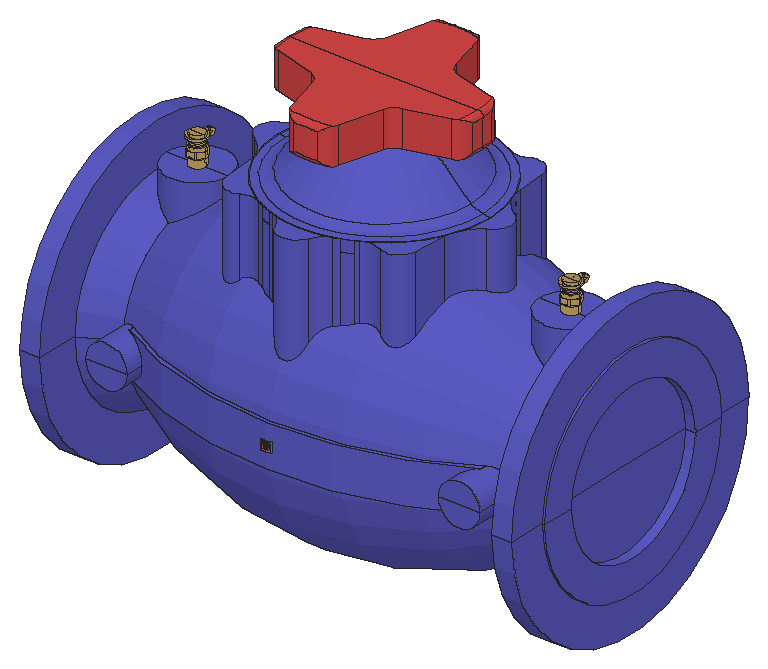
Revit family "HERZ Strömax Commissioning Valve With Test points, Straight Body 4218 GMF", category Rohrzubehör, Revit 2018 (continued)
Definition of nested family "Messstutzen_Band_Austritt_senkrecht_(oben 25)"
  Forms (mm)
    Extrusion 5, solid, detail levels fine
      sketch origin (14.022, 0, 30.07) x (0, 1, 0) y (0.906308, 0, -0.422618)
        loop
          circle (0, 0) r 6.1
        loop
          arc (8.652, -4.495) -> (10.493, -2.527) -> (13.089, -1.8) r 5
          line (13.089, -1.8) -> (13.089, 1.8)
          arc (13.089, 1.8) -> (10.493, 2.527) -> (8.652, 4.495) r 5
          arc (8.652, 4.495) -> (-9.75, 0) -> (8.652, -4.495) r 9.75
      from 0 to -1.5
    Sweep 6, solid, detail levels fine
      path origin (0.876, 0.242, 1.118) x (-0.422618, 0, -0.906308) y (0, 1, 0)
        loop
          line (-27.75, 9.582) -> (-27.75, 14.522)
          arc (-27.75, 14.522) -> (-30.089, 16.862) -> (-32.428, 14.522) r 2.339
          line (-32.428, 14.522) -> (-32.428, 13.089)
      profile origin (12.603, 12.294, 26.268) x (0.422618, 0, 0.906308) y (0.906308, 0, -0.422618)
        loop
          line (-0.75, -1.8) -> (0.75, -1.8) -> (0.75, 1.8) -> (-0.75, 1.8) -> (-0.75, -1.8)
  Dimensions and locks
    aligned and locked: level to plane 2
Definition of nested family "Messstutzen_Band_Austritt_senkrecht_(oben 0.8)"
  Parameters (values of type "Messstutzen_Band_Austritt_senkrecht_(oben 0.8)")
    URL = "www.herz-armaturen.at"
    Schutzkappe [instance] = yes
    Nennweite [instance] = 0.00 mm
    Manufacturer = "Herz Armaturen GmbH"  # constant formula
    Gewicht [instance] = 0.00 kg
    Bestellnummer [instance] = 0
  Reference planes
    plane 1 "Mitte (Vorne/hinten)": y = 0
    plane 2: z = 0
    plane 3 "Mitte (Links/rechts)": x = 0
  Forms (mm)
    Revolve 1, solid, detail levels fine
      sketch origin (0, 0, 0) x (0.999903, 0, -0.013962) y (0.013962, 0, 0.999903)
        loop
          line (-7.4, 9) -> (-5.55, 9) -> (-5.55, 6)
          arc (-5.55, 6) -> (-5.626, 5.617) -> (-5.843, 5.293) r 1
          line (-5.843, 5.293) -> (-6.455, 4.681) -> (-6.455, 0.9) -> (-5.555, 0) -> (-2, 0) -> (-2, 17.5) -> (-8.4, 17.5)
          arc (-8.4, 17.5) -> (-7.693, 17.207) -> (-7.4, 16.5) r 1
          line (-7.4, 16.5) -> (-7.4, 9)
        loop
          line (-3.7, 27) -> (-7.3, 27) -> (-7.9, 26.4) -> (-7.9, 23) -> (-2, 23) -> (-2, 35.8) -> (-3.805, 35.8) -> (-4.415, 35.19) -> (-4.415, 30.863) -> (-3.7, 30.45) -> (-3.7, 27)
        axis (0, 0) -> (0, 35.8)
      angle from 0 to 360
    Extrusion 2, solid, detail levels fine
      sketch origin (0.244, 0, 17.498) x (0, 1, 0) y (-0.999903, 0, 0.013962)
        loop
          arc (-7.07, 5.156) -> (-7.578, 4.375) -> (-8, 3.544) r 8.75
          line (-8, 3.544) -> (-8, -3.544)
          arc (-8, -3.544) -> (-7.578, -4.375) -> (-7.07, -5.156) r 8.75
          line (-7.07, -5.156) -> (-0.93, -8.7)
          arc (-0.93, -8.7) -> (0, -8.75) -> (0.93, -8.7) r 8.75
          line (0.93, -8.7) -> (7.07, -5.156)
          arc (7.07, -5.156) -> (7.578, -4.375) -> (8, -3.544) r 8.75
          line (8, -3.544) -> (8, 3.544)
          arc (8, 3.544) -> (7.578, 4.375) -> (7.07, 5.156) r 8.75
          line (7.07, 5.156) -> (0.93, 8.7)
          arc (0.93, 8.7) -> (0, 8.75) -> (-0.93, 8.7) r 8.75
          line (-0.93, 8.7) -> (-7.07, 5.156)
      from 0 to 5.5
    Revolve 3, solid, visible <- "Schutzkappe", detail levels fine
      sketch origin (0, 0, 0) x (0.999903, 0, -0.013962) y (0.013962, 0, 0.999903)
        loop
          line (0, 35.878) -> (0, 36.678) -> (-7, 36.678) -> (-7, 33.378) -> (-6.1, 33.378) -> (-6.1, 31.678) -> (-6.9, 31.678) -> (-6.9, 30.178) -> (-4.415, 30.178) -> (-4.415, 35.268) -> (-3.805, 35.878) -> (0, 35.878)
        axis (0, 30.178) -> (0, 36.678)
      angle from 0 to 360
    Extrusion 4, solid, detail levels fine
      sketch origin (0.398, 0, 28.497) x (0, 1, 0) y (0.999903, 0, -0.013962)
        loop
          circle (0, 0) r 3.7
        loop
          arc (5.505, -3.906) -> (7.288, -2.358) -> (9.582, -1.8) r 5
          line (9.582, -1.8) -> (9.582, 1.8)
          arc (9.582, 1.8) -> (7.288, 2.358) -> (5.505, 3.906) r 5
          arc (5.505, 3.906) -> (-6.75, 0) -> (5.505, -3.906) r 6.75
      from 0 to -1.5
    Extrusion 5, solid, detail levels fine
      sketch origin (0.463, 0, 33.175) x (0, 1, 0) y (0.999903, 0, -0.013962)
        loop
          circle (0, 0) r 6.1
        loop
          arc (8.652, -4.495) -> (10.493, -2.527) -> (13.089, -1.8) r 5
          line (13.089, -1.8) -> (13.089, 1.8)
          arc (13.089, 1.8) -> (10.493, 2.527) -> (8.652, 4.495) r 5
          arc (8.652, 4.495) -> (-9.75, 0) -> (8.652, -4.495) r 9.75
      from 0 to -1.5
    Sweep 6, solid, detail levels fine
      path origin (0.514, 0.493, 1.007) x (-0.013962, 0, -0.999903) y (0, 1, 0)
        loop
          line (-27.75, 9.582) -> (-27.75, 14.522)
          arc (-27.75, 14.522) -> (-30.089, 16.862) -> (-32.428, 14.522) r 2.339
          line (-32.428, 14.522) -> (-32.428, 13.089)
      profile origin (0.901, 12.545, 28.754) x (0.013962, 0, 0.999903) y (0.999903, 0, -0.013962)
        loop
          line (-0.75, -1.8) -> (0.75, -1.8) -> (0.75, 1.8) -> (-0.75, 1.8) -> (-0.75, -1.8)
  Dimensions and locks
    aligned and locked: level to plane 2
Definition of nested family "Messstutzen_Band_Eintritt_senkrecht_(oben 10)"
  Parameters (values of type "Messstutzen_Band_Eintritt_senkrecht_(oben 10)")
    URL = "www.herz-armaturen.at"
    Schutzkappe [instance] = yes
    Nennweite [instance] = 0.00 mm
    Manufacturer = "Herz Armaturen GmbH"  # constant formula
    Gewicht [instance] = 0.00 kg
    Bestellnummer [instance] = 0
  Reference planes
    plane 1 "Mitte (Vorne/hinten)": y = 0
    plane 2: z = 0
    plane 3 "Mitte (Links/rechts)": x = 0
  Forms (mm)
    Revolve 1, solid, detail levels fine
      sketch origin (0, 0, 0) x (0.984808, 0, 0.173648) y (-0.173648, 0, 0.984808)
        loop
          line (-7.4, 9) -> (-5.55, 9) -> (-5.55, 6)
          arc (-5.55, 6) -> (-5.626, 5.617) -> (-5.843, 5.293) r 1
          line (-5.843, 5.293) -> (-6.455, 4.681) -> (-6.455, 0.9) -> (-5.555, 0) -> (-2, 0) -> (-2, 17.5) -> (-8.4, 17.5)
          arc (-8.4, 17.5) -> (-7.693, 17.207) -> (-7.4, 16.5) r 1
          line (-7.4, 16.5) -> (-7.4, 9)
        loop
          line (-3.7, 27) -> (-7.3, 27) -> (-7.9, 26.4) -> (-7.9, 23) -> (-2, 23) -> (-2, 35.8) -> (-3.805, 35.8) -> (-4.415, 35.19) -> (-4.415, 30.863) -> (-3.7, 30.45) -> (-3.7, 27)
        axis (0, 0) -> (0, 35.8)
      angle from 0 to 360
    Extrusion 2, solid, detail levels fine
      sketch origin (-3.039, 0, 17.234) x (0, 1, 0) y (-0.984808, 0, -0.173648)
        loop
          arc (-7.07, 5.156) -> (-7.578, 4.375) -> (-8, 3.544) r 8.75
          line (-8, 3.544) -> (-8, -3.544)
          arc (-8, -3.544) -> (-7.578, -4.375) -> (-7.07, -5.156) r 8.75
          line (-7.07, -5.156) -> (-0.93, -8.7)
          arc (-0.93, -8.7) -> (0, -8.75) -> (0.93, -8.7) r 8.75
          line (0.93, -8.7) -> (7.07, -5.156)
          arc (7.07, -5.156) -> (7.578, -4.375) -> (8, -3.544) r 8.75
          line (8, -3.544) -> (8, 3.544)
          arc (8, 3.544) -> (7.578, 4.375) -> (7.07, 5.156) r 8.75
          line (7.07, 5.156) -> (0.93, 8.7)
          arc (0.93, 8.7) -> (0, 8.75) -> (-0.93, 8.7) r 8.75
          line (-0.93, 8.7) -> (-7.07, 5.156)
      from 0 to 5.5
    Revolve 3, solid, visible <- "Schutzkappe", detail levels fine
      sketch origin (0, 0, 0) x (0.984808, 0, 0.173648) y (-0.173648, 0, 0.984808)
        loop
          line (0, 35.878) -> (0, 36.678) -> (-7, 36.678) -> (-7, 33.378) -> (-6.1, 33.378) -> (-6.1, 31.678) -> (-6.9, 31.678) -> (-6.9, 30.178) -> (-4.415, 30.178) -> (-4.415, 35.268) -> (-3.805, 35.878) -> (0, 35.878)
        axis (0, 30.178) -> (0, 36.678)
      angle from 0 to 360
    Extrusion 4, solid, detail levels fine
      sketch origin (-4.949, 0, 28.067) x (0, 1, 0) y (0.984808, 0, 0.173648)
        loop
          circle (0, 0) r 3.7
        loop
          arc (5.505, -3.906) -> (7.288, -2.358) -> (9.582, -1.8) r 5
          line (9.582, -1.8) -> (9.582, 1.8)
          arc (9.582, 1.8) -> (7.288, 2.358) -> (5.505, 3.906) r 5
          arc (5.505, 3.906) -> (-6.75, 0) -> (5.505, -3.906) r 6.75
      from 0 to -1.5
    Extrusion 5, solid, detail levels fine
      sketch origin (-5.761, 0, 32.674) x (0, 1, 0) y (0.984808, 0, 0.173648)
        loop
          circle (0, 0) r 6.1
        loop
          arc (8.652, -4.495) -> (10.493, -2.527) -> (13.089, -1.8) r 5
          line (13.089, -1.8) -> (13.089, 1.8)
          arc (13.089, 1.8) -> (10.493, 2.527) -> (8.652, 4.495) r 5
          arc (8.652, 4.495) -> (-9.75, 0) -> (8.652, -4.495) r 9.75
      from 0 to -1.5
    Sweep 6, solid, detail levels fine
      path origin (0.6, 0.141, 0.838) x (0.173648, 0, -0.984808) y (0, 1, 0)
        loop
          line (-27.75, 9.582) -> (-27.75, 14.522)
          arc (-27.75, 14.522) -> (-30.089, 16.862) -> (-32.428, 14.522) r 2.339
          line (-32.428, 14.522) -> (-32.428, 13.089)
      profile origin (-4.219, 12.193, 28.166) x (-0.173648, 0, 0.984808) y (0.984808, 0, 0.173648)
        loop
          line (-0.75, -1.8) -> (0.75, -1.8) -> (0.75, 1.8) -> (-0.75, 1.8) -> (-0.75, -1.8)
  Dimensions and locks
    aligned and locked: level to plane 2
Definition of nested family "Messstutzen_Band_Eintritt_senkrecht_(oben 15)"
  Parameters (values of type "Messstutzen_Band_Eintritt_senkrecht_(oben 15)")
    URL = "www.herz-armaturen.at"
    Schutzkappe [instance] = yes
    Nennweite [instance] = 0.00 mm
    Manufacturer = "Herz Armaturen GmbH"  # constant formula
    Gewicht [instance] = 0.00 kg
    Bestellnummer [instance] = 0
  Reference planes
    plane 1 "Mitte (Vorne/hinten)": y = 0
    plane 2: z = 0
    plane 3 "Mitte (Links/rechts)": x = 0
  Forms (mm)
    Revolve 1, solid, detail levels fine
      sketch origin (0, 0, 0) x (0.965926, 0, 0.258819) y (-0.258819, 0, 0.965926)
        loop
          line (-7.4, 9) -> (-5.55, 9) -> (-5.55, 6)
          arc (-5.55, 6) -> (-5.626, 5.617) -> (-5.843, 5.293) r 1
          line (-5.843, 5.293) -> (-6.455, 4.681) -> (-6.455, 0.9) -> (-5.555, 0) -> (-2, 0) -> (-2, 17.5) -> (-8.4, 17.5)
          arc (-8.4, 17.5) -> (-7.693, 17.207) -> (-7.4, 16.5) r 1
          line (-7.4, 16.5) -> (-7.4, 9)
        loop
          line (-3.7, 27) -> (-7.3, 27) -> (-7.9, 26.4) -> (-7.9, 23) -> (-2, 23) -> (-2, 35.8) -> (-3.805, 35.8) -> (-4.415, 35.19) -> (-4.415, 30.863) -> (-3.7, 30.45) -> (-3.7, 27)
        axis (0, 0) -> (0, 35.8)
      angle from 0 to 360
    Extrusion 2, solid, detail levels fine
      sketch origin (-4.529, 0, 16.904) x (0, 1, 0) y (-0.965926, 0, -0.258819)
        loop
          arc (-7.07, 5.156) -> (-7.578, 4.375) -> (-8, 3.544) r 8.75
          line (-8, 3.544) -> (-8, -3.544)
          arc (-8, -3.544) -> (-7.578, -4.375) -> (-7.07, -5.156) r 8.75
          line (-7.07, -5.156) -> (-0.93, -8.7)
          arc (-0.93, -8.7) -> (0, -8.75) -> (0.93, -8.7) r 8.75
          line (0.93, -8.7) -> (7.07, -5.156)
          arc (7.07, -5.156) -> (7.578, -4.375) -> (8, -3.544) r 8.75
          line (8, -3.544) -> (8, 3.544)
          arc (8, 3.544) -> (7.578, 4.375) -> (7.07, 5.156) r 8.75
          line (7.07, 5.156) -> (0.93, 8.7)
          arc (0.93, 8.7) -> (0, 8.75) -> (-0.93, 8.7) r 8.75
          line (-0.93, 8.7) -> (-7.07, 5.156)
      from 0 to 5.5
    Revolve 3, solid, visible <- "Schutzkappe", detail levels fine
      sketch origin (0, 0, 0) x (0.965926, 0, 0.258819) y (-0.258819, 0, 0.965926)
        loop
          line (0, 35.878) -> (0, 36.678) -> (-7, 36.678) -> (-7, 33.378) -> (-6.1, 33.378) -> (-6.1, 31.678) -> (-6.9, 31.678) -> (-6.9, 30.178) -> (-4.415, 30.178) -> (-4.415, 35.268) -> (-3.805, 35.878) -> (0, 35.878)
        axis (0, 30.178) -> (0, 36.678)
      angle from 0 to 360
    Extrusion 4, solid, detail levels fine
      sketch origin (-7.376, 0, 27.529) x (0, 1, 0) y (0.965926, 0, 0.258819)
        loop
          circle (0, 0) r 3.7
        loop
          arc (5.505, -3.906) -> (7.288, -2.358) -> (9.582, -1.8) r 5
          line (9.582, -1.8) -> (9.582, 1.8)
          arc (9.582, 1.8) -> (7.288, 2.358) -> (5.505, 3.906) r 5
          arc (5.505, 3.906) -> (-6.75, 0) -> (5.505, -3.906) r 6.75
      from 0 to -1.5
    Extrusion 5, solid, detail levels fine
      sketch origin (-8.587, 0, 32.048) x (0, 1, 0) y (0.965926, 0, 0.258819)
        loop
          circle (0, 0) r 6.1
        loop
          arc (8.652, -4.495) -> (10.493, -2.527) -> (13.089, -1.8) r 5
          line (13.089, -1.8) -> (13.089, 1.8)
          arc (13.089, 1.8) -> (10.493, 2.527) -> (8.652, 4.495) r 5
          arc (8.652, 4.495) -> (-9.75, 0) -> (8.652, -4.495) r 9.75
      from 0 to -1.5
    Sweep 6, solid, detail levels fine
      path origin (0.468, 0.277, 0.942) x (0.258819, 0, -0.965926) y (0, 1, 0)
        loop
          line (-27.75, 9.582) -> (-27.75, 14.522)
          arc (-27.75, 14.522) -> (-30.089, 16.862) -> (-32.428, 14.522) r 2.339
          line (-32.428, 14.522) -> (-32.428, 13.089)
      profile origin (-6.714, 12.329, 27.747) x (-0.258819, 0, 0.965926) y (0.965926, 0, 0.258819)
        loop
          line (-0.75, -1.8) -> (0.75, -1.8) -> (0.75, 1.8) -> (-0.75, 1.8) -> (-0.75, -1.8)
  Dimensions and locks
    aligned and locked: level to plane 2
Definition of nested family "Messstutzen_Band_Eintritt_senkrecht_(oben 25)"
  Parameters (values of type "Messstutzen_Band_Eintritt_senkrecht_(oben 25)")
    URL = "www.herz-armaturen.at"
    Schutzkappe [instance] = yes
    Nennweite [instance] = 0.00 mm
    Manufacturer = "Herz Armaturen GmbH"  # constant formula
    Gewicht [instance] = 0.00 kg
    Bestellnummer [instance] = 0
  Reference planes
    plane 1 "Mitte (Vorne/hinten)": y = 0
    plane 2: z = 0
    plane 3 "Mitte (Links/rechts)": x = 0
  Forms (mm)
    Revolve 1, solid, detail levels fine
      sketch origin (0, 0, 0) x (0.906308, 0, 0.422618) y (-0.422618, 0, 0.906308)
        loop
          line (-7.4, 9) -> (-5.55, 9) -> (-5.55, 6)
          arc (-5.55, 6) -> (-5.626, 5.617) -> (-5.843, 5.293) r 1
          line (-5.843, 5.293) -> (-6.455, 4.681) -> (-6.455, 0.9) -> (-5.555, 0) -> (-2, 0) -> (-2, 17.5) -> (-8.4, 17.5)
          arc (-8.4, 17.5) -> (-7.693, 17.207) -> (-7.4, 16.5) r 1
          line (-7.4, 16.5) -> (-7.4, 9)
        loop
          line (-3.7, 27) -> (-7.3, 27) -> (-7.9, 26.4) -> (-7.9, 23) -> (-2, 23) -> (-2, 35.8) -> (-3.805, 35.8) -> (-4.415, 35.19) -> (-4.415, 30.863) -> (-3.7, 30.45) -> (-3.7, 27)
        axis (0, 0) -> (0, 35.8)
      angle from 0 to 360
    Extrusion 2, solid, detail levels fine
      sketch origin (-7.396, 0, 15.86) x (0, 1, 0) y (-0.906308, 0, -0.422618)
        loop
          arc (-7.07, 5.156) -> (-7.578, 4.375) -> (-8, 3.544) r 8.75
          line (-8, 3.544) -> (-8, -3.544)
          arc (-8, -3.544) -> (-7.578, -4.375) -> (-7.07, -5.156) r 8.75
          line (-7.07, -5.156) -> (-0.93, -8.7)
          arc (-0.93, -8.7) -> (0, -8.75) -> (0.93, -8.7) r 8.75
          line (0.93, -8.7) -> (7.07, -5.156)
          arc (7.07, -5.156) -> (7.578, -4.375) -> (8, -3.544) r 8.75
          line (8, -3.544) -> (8, 3.544)
          arc (8, 3.544) -> (7.578, 4.375) -> (7.07, 5.156) r 8.75
          line (7.07, 5.156) -> (0.93, 8.7)
          arc (0.93, 8.7) -> (0, 8.75) -> (-0.93, 8.7) r 8.75
          line (-0.93, 8.7) -> (-7.07, 5.156)
      from 0 to 5.5
    Revolve 3, solid, visible <- "Schutzkappe", detail levels fine
      sketch origin (0, 0, 0) x (0.906308, 0, 0.422618) y (-0.422618, 0, 0.906308)
        loop
          line (0, 35.878) -> (0, 36.678) -> (-7, 36.678) -> (-7, 33.378) -> (-6.1, 33.378) -> (-6.1, 31.678) -> (-6.9, 31.678) -> (-6.9, 30.178) -> (-4.415, 30.178) -> (-4.415, 35.268) -> (-3.805, 35.878) -> (0, 35.878)
        axis (0, 30.178) -> (0, 36.678)
      angle from 0 to 360
    Extrusion 4, solid, detail levels fine
      sketch origin (-12.045, 0, 25.83) x (0, 1, 0) y (0.906308, 0, 0.422618)
        loop
          circle (0, 0) r 3.7
        loop
          arc (5.505, -3.906) -> (7.288, -2.358) -> (9.582, -1.8) r 5
          line (9.582, -1.8) -> (9.582, 1.8)
          arc (9.582, 1.8) -> (7.288, 2.358) -> (5.505, 3.906) r 5
          arc (5.505, 3.906) -> (-6.75, 0) -> (5.505, -3.906) r 6.75
      from 0 to -1.5
    Extrusion 5, solid, detail levels fine
      sketch origin (-14.022, 0, 30.07) x (0, 1, 0) y (0.906308, 0, 0.422618)
        loop
          circle (0, 0) r 6.1
        loop
          arc (8.652, -4.495) -> (10.493, -2.527) -> (13.089, -1.8) r 5
          line (13.089, -1.8) -> (13.089, 1.8)
          arc (13.089, 1.8) -> (10.493, 2.527) -> (8.652, 4.495) r 5
          arc (8.652, 4.495) -> (-9.75, 0) -> (8.652, -4.495) r 9.75
      from 0 to -1.5
    Sweep 6, solid, detail levels fine
      path origin (-0.876, 0.242, 1.118) x (0.422618, 0, -0.906308) y (0, 1, 0)
        loop
          line (-27.75, 9.582) -> (-27.75, 14.522)
          arc (-27.75, 14.522) -> (-30.089, 16.862) -> (-32.428, 14.522) r 2.339
          line (-32.428, 14.522) -> (-32.428, 13.089)
      profile origin (-12.603, 12.294, 26.268) x (-0.422618, 0, 0.906308) y (0.906308, 0, 0.422618)
        loop
          line (-0.75, -1.8) -> (0.75, -1.8) -> (0.75, 1.8) -> (-0.75, 1.8) -> (-0.75, -1.8)
  Dimensions and locks
    aligned and locked: level to plane 2
Definition of nested family "Messstutzen_Band_Eintritt_senkrecht_(oben 0.8)"
  Parameters (values of type "Messstutzen_Band_Eintritt_senkrecht_(oben 0.8)")
    URL = "www.herz-armaturen.at"
    Schutzkappe [instance] = yes
    Nennweite [instance] = 0.00 mm
    Manufacturer = "Herz Armaturen GmbH"  # constant formula
    Gewicht [instance] = 0.00 kg
    Bestellnummer [instance] = 0
  Reference planes
    plane 1 "Mitte (Vorne/hinten)": y = 0
    plane 2: z = 0
    plane 3 "Mitte (Links/rechts)": x = 0
  Forms (mm)
    Revolve 1, solid, detail levels fine
      sketch origin (0, 0, 0) x (0.999903, 0, 0.013962) y (-0.013962, 0, 0.999903)
        loop
          line (-7.4, 9) -> (-5.55, 9) -> (-5.55, 6)
          arc (-5.55, 6) -> (-5.626, 5.617) -> (-5.843, 5.293) r 1
          line (-5.843, 5.293) -> (-6.455, 4.681) -> (-6.455, 0.9) -> (-5.555, 0) -> (-2, 0) -> (-2, 17.5) -> (-8.4, 17.5)
          arc (-8.4, 17.5) -> (-7.693, 17.207) -> (-7.4, 16.5) r 1
          line (-7.4, 16.5) -> (-7.4, 9)
        loop
          line (-3.7, 27) -> (-7.3, 27) -> (-7.9, 26.4) -> (-7.9, 23) -> (-2, 23) -> (-2, 35.8) -> (-3.805, 35.8) -> (-4.415, 35.19) -> (-4.415, 30.863) -> (-3.7, 30.45) -> (-3.7, 27)
        axis (0, 0) -> (0, 35.8)
      angle from 0 to 360
    Extrusion 2, solid, detail levels fine
      sketch origin (-0.244, 0, 17.498) x (0, 1, 0) y (-0.999903, 0, -0.013962)
        loop
          arc (-7.07, 5.156) -> (-7.578, 4.375) -> (-8, 3.544) r 8.75
          line (-8, 3.544) -> (-8, -3.544)
          arc (-8, -3.544) -> (-7.578, -4.375) -> (-7.07, -5.156) r 8.75
          line (-7.07, -5.156) -> (-0.93, -8.7)
          arc (-0.93, -8.7) -> (0, -8.75) -> (0.93, -8.7) r 8.75
          line (0.93, -8.7) -> (7.07, -5.156)
          arc (7.07, -5.156) -> (7.578, -4.375) -> (8, -3.544) r 8.75
          line (8, -3.544) -> (8, 3.544)
          arc (8, 3.544) -> (7.578, 4.375) -> (7.07, 5.156) r 8.75
          line (7.07, 5.156) -> (0.93, 8.7)
          arc (0.93, 8.7) -> (0, 8.75) -> (-0.93, 8.7) r 8.75
          line (-0.93, 8.7) -> (-7.07, 5.156)
      from 0 to 5.5
    Revolve 3, solid, visible <- "Schutzkappe", detail levels fine
      sketch origin (0, 0, 0) x (0.999903, 0, 0.013962) y (-0.013962, 0, 0.999903)
        loop
          line (0, 35.878) -> (0, 36.678) -> (-7, 36.678) -> (-7, 33.378) -> (-6.1, 33.378) -> (-6.1, 31.678) -> (-6.9, 31.678) -> (-6.9, 30.178) -> (-4.415, 30.178) -> (-4.415, 35.268) -> (-3.805, 35.878) -> (0, 35.878)
        axis (0, 30.178) -> (0, 36.678)
      angle from 0 to 360
    Extrusion 4, solid, detail levels fine
      sketch origin (-0.398, 0, 28.497) x (0, 1, 0) y (0.999903, 0, 0.013962)
        loop
          circle (0, 0) r 3.7
        loop
          arc (5.505, -3.906) -> (7.288, -2.358) -> (9.582, -1.8) r 5
          line (9.582, -1.8) -> (9.582, 1.8)
          arc (9.582, 1.8) -> (7.288, 2.358) -> (5.505, 3.906) r 5
          arc (5.505, 3.906) -> (-6.75, 0) -> (5.505, -3.906) r 6.75
      from 0 to -1.5
    Extrusion 5, solid, detail levels fine
      sketch origin (-0.463, 0, 33.175) x (0, 1, 0) y (0.999903, 0, 0.013962)
        loop
          circle (0, 0) r 6.1
        loop
          arc (8.652, -4.495) -> (10.493, -2.527) -> (13.089, -1.8) r 5
          line (13.089, -1.8) -> (13.089, 1.8)
          arc (13.089, 1.8) -> (10.493, 2.527) -> (8.652, 4.495) r 5
          arc (8.652, 4.495) -> (-9.75, 0) -> (8.652, -4.495) r 9.75
      from 0 to -1.5
    Sweep 6, solid, detail levels fine
      path origin (0.447, 0.318, 1.252) x (0.013962, 0, -0.999903) y (0, 1, 0)
        loop
          line (-27.75, 9.582) -> (-27.75, 14.522)
          arc (-27.75, 14.522) -> (-30.089, 16.862) -> (-32.428, 14.522) r 2.339
          line (-32.428, 14.522) -> (-32.428, 13.089)
      profile origin (0.059, 12.37, 29) x (-0.013962, 0, 0.999903) y (0.999903, 0, 0.013962)
        loop
          line (-0.75, -1.8) -> (0.75, -1.8) -> (0.75, 1.8) -> (-0.75, 1.8) -> (-0.75, -1.8)
  Dimensions and locks
    aligned and locked: level to plane 2
Definition of nested family "Strangregulierventil-Handrad-Gerade (Rot) DN15-DN40"
  Parameters (values of type "Strangregulierventil-Handrad-Gerade (Rot) DN15-DN40")
    URL = "www.herz-armaturen.at"
    Nennweite [instance] = 0.00 mm
    Manufacturer = "Herz Armaturen GmbH"  # constant formula
    Gewicht [instance] = 0.00 kg
    Bestellnummer [instance] = 0
  Reference planes
    plane 1 "Mitte (Vorne/hinten)": y = 0
    plane 2: z = 0
    plane 3 "Mitte (Links/rechts)": x = 0
  Forms (mm)
    Revolve 1, solid, detail levels fine
      sketch origin (0, 0, 0) x (1, 0, 0) y (0, 0, 1)
        loop
          line (0, 0) -> (0, 24.95) -> (-30.992, 24.95)
          arc (-30.992, 24.95) -> (-34.37, 23.636) -> (-35.973, 20.386) r 5
          line (-35.973, 20.386) -> (-37, 8.65) -> (-35.986, -2.936)
          arc (-35.986, -2.936) -> (-34.383, -6.186) -> (-31.005, -7.5) r 5
          line (-31.005, -7.5) -> (-15, -7.5) -> (-15, 0) -> (0, 0)
        axis (0, 24.95) -> (0, -7.5)
      angle from 0 to 360
    Extrusion 2, void
      sketch origin (0, 0, 20.3) x (1, 0, 0) y (0, 1, 0)
        loop
          line (3.861, 35.5) -> (-3.861, 35.5)
          arc (-3.861, 35.5) -> (-8.731, 33.847) -> (-11.589, 29.571) r 8
          line (-11.589, 29.571) -> (-13.284, 23.245)
          arc (-13.284, 23.245) -> (-13.982, 21.722) -> (-15.144, 20.516) r 5
          arc (-15.144, 20.516) -> (-18.031, 18.031) -> (-20.516, 15.144) r 25.5
          arc (-20.516, 15.144) -> (-21.722, 13.982) -> (-23.245, 13.284) r 5
          line (-23.245, 13.284) -> (-29.571, 11.589)
          arc (-29.571, 11.589) -> (-33.847, 8.731) -> (-35.5, 3.861) r 8
          line (-35.5, 3.861) -> (-35.5, -3.861)
          arc (-35.5, -3.861) -> (-33.847, -8.731) -> (-29.571, -11.589) r 8
          line (-29.571, -11.589) -> (-23.245, -13.284)
          arc (-23.245, -13.284) -> (-21.722, -13.982) -> (-20.516, -15.144) r 5
          arc (-20.516, -15.144) -> (-18.031, -18.031) -> (-15.144, -20.516) r 25.5
          arc (-15.144, -20.516) -> (-13.982, -21.722) -> (-13.284, -23.245) r 5
          line (-13.284, -23.245) -> (-11.589, -29.571)
          arc (-11.589, -29.571) -> (-8.731, -33.847) -> (-3.861, -35.5) r 8
          line (-3.861, -35.5) -> (3.861, -35.5)
          arc (3.861, -35.5) -> (8.731, -33.847) -> (11.589, -29.571) r 8
          line (11.589, -29.571) -> (13.284, -23.245)
          arc (13.284, -23.245) -> (13.982, -21.722) -> (15.144, -20.516) r 5
          arc (15.144, -20.516) -> (18.031, -18.031) -> (20.516, -15.144) r 25.5
          arc (20.516, -15.144) -> (21.722, -13.982) -> (23.245, -13.284) r 5
          line (23.245, -13.284) -> (29.571, -11.589)
          arc (29.571, -11.589) -> (33.847, -8.731) -> (35.5, -3.861) r 8
          line (35.5, -3.861) -> (35.5, 3.861)
          arc (35.5, 3.861) -> (33.847, 8.731) -> (29.571, 11.589) r 8
          line (29.571, 11.589) -> (23.245, 13.284)
          arc (23.245, 13.284) -> (21.722, 13.982) -> (20.516, 15.144) r 5
          arc (20.516, 15.144) -> (18.031, 18.031) -> (15.144, 20.516) r 25.5
          arc (15.144, 20.516) -> (13.982, 21.722) -> (13.284, 23.245) r 5
          line (13.284, 23.245) -> (11.589, 29.571)
          arc (11.589, 29.571) -> (8.731, 33.847) -> (3.861, 35.5) r 8
        loop
          circle (0, 0) r 38
      from -31.266 to 7.923
  Cuts and joins
    Extrusion 2 cuts Revolve 1
  Dimensions and locks
    Revolve 1 sketch curve to Revolve 1 sketch curve = 15.00 mm
    Revolve 1 sketch curve to Revolve 1 sketch curve = 16.15 mm
    Revolve 1 sketch curve to Revolve 1 sketch curve = 16.30 mm
    angle Revolve 1 sketch curve to Revolve 1 sketch curve = 95.00°
    aligned and locked: level to plane 2
Definition of nested family "Strangregulierventil-Handrad-Gerade (Rot) DN50-DN80"
  Parameters (values of type "Strangregulierventil-Handrad-Gerade (Rot) DN50-DN80")
    URL = "www.herz-armaturen.at"
    Nennweite [instance] = 0.00 mm
    Manufacturer = "Herz Armaturen GmbH"  # constant formula
    Gewicht [instance] = 0.00 kg
    Bestellnummer [instance] = 0
  Reference planes
    plane 1 "Mitte (Vorne/hinten)": y = 0
    plane 2: z = 0
    plane 3 "Mitte (Links/rechts)": x = 0
  Forms (mm)
    Revolve 1, solid, detail levels fine
      sketch origin (0, 0, 0) x (1, 0, 0) y (0, 0, 1)
        loop
          line (0, 0) -> (0, 24.95) -> (-50.992, 24.95)
          arc (-50.992, 24.95) -> (-54.37, 23.636) -> (-55.973, 20.386) r 5
          line (-55.973, 20.386) -> (-57, 8.65) -> (-55.986, -2.936)
          arc (-55.986, -2.936) -> (-54.383, -6.186) -> (-51.005, -7.5) r 5
          line (-51.005, -7.5) -> (-15, -7.5) -> (-15, 0) -> (0, 0)
        axis (0, 24.95) -> (0, -7.5)
      angle from 0 to 360
    Extrusion 2, void
      sketch origin (0, 0, 20.3) x (1, 0, 0) y (0, 1, 0)
        loop
          line (-55, 6.292) -> (-55, -6.292)
          arc (-55, -6.292) -> (-52.52, -13.597) -> (-46.106, -17.883) r 12
          line (-46.106, -17.883) -> (-35.399, -20.752)
          arc (-35.399, -20.752) -> (-33.541, -21.612) -> (-32.08, -23.047) r 6
          arc (-32.08, -23.047) -> (-27.931, -27.931) -> (-23.047, -32.08) r 39.5
          arc (-23.047, -32.08) -> (-21.612, -33.541) -> (-20.752, -35.399) r 6
          line (-20.752, -35.399) -> (-17.883, -46.106)
          arc (-17.883, -46.106) -> (-13.597, -52.52) -> (-6.292, -55) r 12
          line (-6.292, -55) -> (6.292, -55)
          arc (6.292, -55) -> (13.597, -52.52) -> (17.883, -46.106) r 12
          line (17.883, -46.106) -> (20.752, -35.399)
          arc (20.752, -35.399) -> (21.612, -33.541) -> (23.047, -32.08) r 6
          arc (23.047, -32.08) -> (27.931, -27.931) -> (32.08, -23.047) r 39.5
          arc (32.08, -23.047) -> (33.541, -21.612) -> (35.399, -20.752) r 6
          line (35.399, -20.752) -> (46.106, -17.883)
          arc (46.106, -17.883) -> (52.52, -13.597) -> (55, -6.292) r 12
          line (55, -6.292) -> (55, 6.292)
          arc (55, 6.292) -> (52.52, 13.597) -> (46.106, 17.883) r 12
          line (46.106, 17.883) -> (35.399, 20.752)
          arc (35.399, 20.752) -> (33.541, 21.612) -> (32.08, 23.047) r 6
          arc (32.08, 23.047) -> (27.931, 27.931) -> (23.047, 32.08) r 39.5
          arc (23.047, 32.08) -> (21.612, 33.541) -> (20.752, 35.399) r 6
          line (20.752, 35.399) -> (17.883, 46.106)
          arc (17.883, 46.106) -> (13.597, 52.52) -> (6.292, 55) r 12
          line (6.292, 55) -> (-6.292, 55)
          arc (-6.292, 55) -> (-13.597, 52.52) -> (-17.883, 46.106) r 12
          line (-17.883, 46.106) -> (-20.752, 35.399)
          arc (-20.752, 35.399) -> (-21.612, 33.541) -> (-23.047, 32.08) r 6
          arc (-23.047, 32.08) -> (-27.931, 27.931) -> (-32.08, 23.047) r 39.5
          arc (-32.08, 23.047) -> (-33.541, 21.612) -> (-35.399, 20.752) r 6
          line (-35.399, 20.752) -> (-46.106, 17.883)
          arc (-46.106, 17.883) -> (-52.52, 13.597) -> (-55, 6.292) r 12
        loop
          circle (0, 0) r 60
      from -31.161 to 7.489
  Cuts and joins
    Extrusion 2 cuts Revolve 1
  Dimensions and locks
    Revolve 1 sketch curve to Revolve 1 sketch curve = 15.00 mm
    Revolve 1 sketch curve to Revolve 1 sketch curve = 16.15 mm
    Revolve 1 sketch curve to Revolve 1 sketch curve = 16.30 mm
    Revolve 1 sketch curve to Revolve 1 sketch curve = 57.00 mm
    angle Revolve 1 sketch curve to Revolve 1 sketch curve = 95.00°
    aligned and locked: level to plane 2
Definition of nested family "Strangregulierventil-Handrad-Gerade (Rot) DN100-DN150"
  Parameters (values of type "Strangregulierventil-Handrad-Gerade (Rot) DN100-DN150")
    URL = "www.herz-armaturen.at"
    Nennweite [instance] = 0.00 mm
    Manufacturer = "Herz Armaturen GmbH"  # constant formula
    Gewicht [instance] = 0.00 kg
    Bestellnummer [instance] = 0
  Reference planes
    plane 1 "Mitte (Vorne/hinten)": y = 0
    plane 2: z = 0
    plane 3 "Mitte (Links/rechts)": x = 0
  Forms (mm)
    Revolve 1, solid, detail levels fine
      sketch origin (0, 0, 0) x (1, 0, 0) y (0, 0, 1)
        loop
          line (0, 0) -> (0, 20.8) -> (-90.019, 20.8)
          arc (-90.019, 20.8) -> (-93.397, 19.486) -> (-95, 16.236) r 5
          line (-95, 16.236) -> (-95, -9.166)
          arc (-95, -9.166) -> (-93.362, -12.33) -> (-90.032, -13.6) r 5
          line (-90.032, -13.6) -> (-20, -13.6) -> (-20, 0) -> (0, 0)
        axis (0, 20.8) -> (0, -13.6)
      angle from 0 to 360
    Extrusion 2, void
      sketch origin (0, 0, 20.3) x (1, 0, 0) y (0, 1, 0)
        loop
          circle (0, 0) r 110
        loop
          arc (-8.5, 94.619) -> (-17.649, 91.506) -> (-23, 83.46) r 15
          line (-23, 83.46) -> (-33.535, 44.142)
          arc (-33.535, 44.142) -> (-37.417, 37.417) -> (-44.142, 33.535) r 15
          line (-44.142, 33.535) -> (-83.46, 23)
          arc (-83.46, 23) -> (-91.506, 17.649) -> (-94.619, 8.5) r 15
          arc (-94.619, 8.5) -> (-95, 0) -> (-94.619, -8.5) r 95
          arc (-94.619, -8.5) -> (-91.506, -17.649) -> (-83.46, -23) r 15
          line (-83.46, -23) -> (-44.142, -33.535)
          arc (-44.142, -33.535) -> (-37.417, -37.417) -> (-33.535, -44.142) r 15
          line (-33.535, -44.142) -> (-23, -83.46)
          arc (-23, -83.46) -> (-17.649, -91.506) -> (-8.5, -94.619) r 15
          arc (-8.5, -94.619) -> (0, -95) -> (8.5, -94.619) r 95
          arc (8.5, -94.619) -> (17.649, -91.506) -> (23, -83.46) r 15
          line (23, -83.46) -> (33.535, -44.142)
          arc (33.535, -44.142) -> (37.417, -37.417) -> (44.142, -33.535) r 15
          line (44.142, -33.535) -> (83.46, -23)
          arc (83.46, -23) -> (91.506, -17.649) -> (94.619, -8.5) r 15
          arc (94.619, -8.5) -> (95, 0) -> (94.619, 8.5) r 95
          arc (94.619, 8.5) -> (91.506, 17.649) -> (83.46, 23) r 15
          line (83.46, 23) -> (44.142, 33.535)
          arc (44.142, 33.535) -> (37.417, 37.417) -> (33.535, 44.142) r 15
          line (33.535, 44.142) -> (23, 83.46)
          arc (23, 83.46) -> (17.649, 91.506) -> (8.5, 94.619) r 15
          arc (8.5, 94.619) -> (0, 95) -> (-8.5, 94.619) r 95
      from -51.286 to 22
  Cuts and joins
    Extrusion 2 cuts Revolve 1
  Dimensions and locks
    Revolve 1 sketch curve to Revolve 1 sketch curve = 20.00 mm
    Revolve 1 sketch curve to Revolve 1 sketch curve = 95.00 mm
    Revolve 1 sketch curve to Revolve 1 sketch curve = 34.40 mm
    plane 2 to Revolve 1 sketch curve = 13.60 mm
    aligned and locked: level to plane 2
